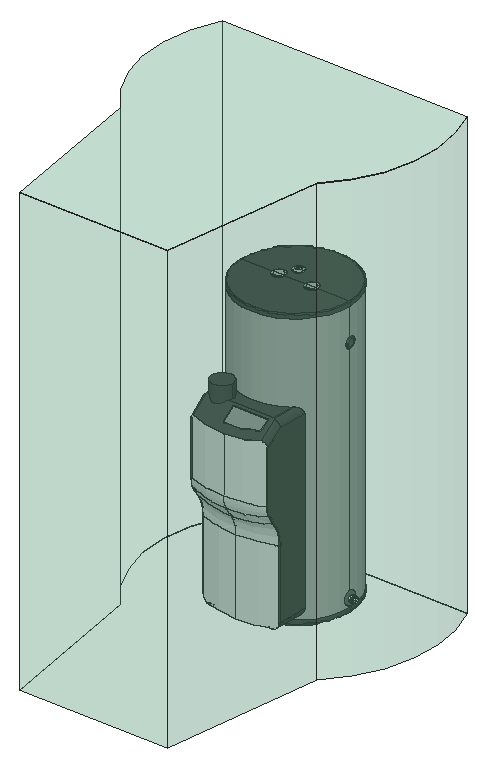
Revit family "Innovo FR_IR 32 285 FR NAT", category Mechanical Equipment, Revit 2015
Parameters (values of type "IR-32-285 FR NAT")
  largeur d'emballage = 786 mm  # constant formula
  l'Intervalle d'Entretien = "12 mois"  # constant formula
  Workspace Radius = Diameter + 170 mm  # 845 mm
  Workspace Height = Hauteur + 1000 mm  # 2745 mm
  Workspace Front Distance = 1000 mm
  Workspace [instance] = yes
  Valve Height 02 = if(and(Hauteur = 1745 mm, Diameter = 675 mm), 1518 mm, if(and(Hauteur = 1745 mm, Diameter = 610 mm), 1534 mm, if(Hauteur = 1545 mm, 1328 mm, 1070 mm)))  # 1518 mm
  Valve Height 01 = if(and(Diameter > 560 mm), 693 mm, 604 mm)  # 693 mm
  Valeur Maximale du Thermostat de Régulation = 85 °C  # constant formula
  Valeur Manimale du Thermostat de Régulation = 40 °C  # constant formula
  Valeur Défaut du Thermostat de Régulation = 65 °C  # constant formula
  URL = "www.aosmith.fr"
  Type d'Installation = "B23/C13/C33/C43/C53/C63"  # constant formula
  Type d'emballage = "Carton et bois"  # constant formula
  Tension d'Alimentation (-15%, +10%) = 230 V  # constant formula
  Température Maximale des Fumées = 65 °C
  Temps de réchauffement à ΔT = 70°C = "50"
  Temps de réchauffement à ΔT = 55°C = "39"
  Temps de réchauffement à ΔT = 50°C = "36"
  Temps de réchauffement à ΔT = 44°C = "31"
  Temps de réchauffement à ΔT = 28°C = "20"
  Spécifications du Produit = ""
  Réglages du thermostat du chauffe-eau = 65 °C  # constant formula
  Réglage Standard Pour = "G31"
  Rendement Saisonnier (Hs) = [Rendement (Hs, acc. NEN-EN 89 - 1999)]  # 97
  Rendement (Hs, acc. NEN-EN 89 - 1999) = 97
  Rendement (Hi, acc. NEN-EN 89 - 1999) = 108
  Raccord Évacuation de la Condensation = 40 mm  # constant formula
  Raccord de la Soupape de Vidange = 1"
  Raccord de Sortie d'Eau Chaude = 1"
  Raccord de Gaz = 15"  # constant formula
  Raccord d'Alimentation en Eau Froide = 3/4"  # constant formula
  Raccord Robinet de Vidange = 3/4"  # constant formula
  Puissance Électrique Absorbée (sommet) = 105 W
  Puissance Électrique Absorbée (nominal) = 85 W
  Profondeur d'emballage = 946 mm  # constant formula
  Profondeur = 780 mm  # constant formula
  Profils de soutirage déclaré = "XXL"
  Production Nominale = "30700.0"
  Pression de Fonctionnement Maximale = 800000.0 Pa  # constant formula
  Pression Différentielle d'Ouverture de l'Interrupteur de Pression < = 210.0 Pa
  Pression Amont de Gaz = "3700 Pa"
  Precaustions during assembling, installation or maintenance = "voir Manuel d'installation, d'emploi er d'entretien"  # constant formula
  Poids à vide = 155 kg
  Poids de Transport = 172 kg
  Phase = 1
  Pertes en Veille - tous les jours (24h) = 0 W
  Pertes en Veille = 0 W
  Nombre de modèle du produit (EAN) = "8717449286408"
  Niveau du Son dB (A) = "<45"  # constant formula
  Niveau de puissance acoustique à l'intérieur = "58 dB"
  NOx-émissions mg/kWh = "37"
  NOx-émissions (ven air, 0% O2) ppm = "23"
  Modèdele = "IR-32-380"
  Model = "IR-32-380 FR LP"
  Marque commerciale = "A.O. Smith"  # constant formula
  Manufacturer = "A.O. Smith Water Products Company b.v."  # constant formula
  Largeur = Diameter  # 675 mm
  La commande intelligente = no
  L'efficacité énergétique pour le chauffage de l'eau (2) = "92%"
  L'efficacité énergétique pour le chauffage de l'eau (1) = "90%"
  Hauteur du Raccordement au Gaz = 905 mm
  Hauteur de la Sortie d'eau Chaude = 1745 mm
  Hauteur de l'Alimentation en eau Froide = 170 mm
  Hauteur d'emballage = 1895 mm
  Hauteur Conduit d'Évacuation des Fumées = 1350 mm
  Hauteur Conduit d'Alimentation en Air = 1350 mm
  Hauteur = 1745 mm
  Guide de Produit = ""
  Garantie sur la Cuve = "36 mois"  # constant formula
  Garantie Pièces = "12 mois"  # constant formula
  Fréquence secteur = 50 Hz  # constant formula
  Forctionner qu'en heures creuses = no
  Fabricant No. = "E 7110"  # constant formula
  Epaisseur d'Isolation = 44 mm
  Débit de vidage à ΔT = 70°C après 90 min. = 840.0 L
  Débit de vidage à ΔT = 70°C après 60 min. = 650.0 L
  Débit de vidage à ΔT = 70°C après 30 min. = 460.0 L
  Débit de vidage à ΔT = 70°C après 120 min. = 1100.0 L
  Débit de vidage à ΔT = 55°C après 90 min. = 1100.0 L
  Débit de vidage à ΔT = 55°C après 60 min. = 860.0 L
  Débit de vidage à ΔT = 55°C après 30 min. = 610.0 L
  Débit de vidage à ΔT = 55°C après 120 min. = 1400.0 L
  Débit de vidage à ΔT = 50°C après 90 min. = 1300.0 L
  Débit de vidage à ΔT = 50°C après 60 min. = 950.0 L
  Débit de vidage à ΔT = 50°C après 30 min. = 680.0 L
  Débit de vidage à ΔT = 50°C après 120 min. = 1500.0 L
  Débit de vidage à ΔT = 44°C après 90 min. = 1400.0 L
  Débit de vidage à ΔT = 44°C après 60 min. = 1100.0 L
  Débit de vidage à ΔT = 44°C après 30 min. = 790.0 L
  Débit de vidage à ΔT = 44°C après 120 min. = 1800.0 L
  Débit de vidage à ΔT = 28°C après 90 min. = 2300.0 L
  Débit de vidage à ΔT = 28°C après 60 min. = 1800.0 L
  Débit de vidage à ΔT = 28°C après 30 min. = 1300.0 L
  Débit de vidage à ΔT = 28°C après 120 min. = 2800.0 L
  Débit de vidage en Continu à ΔT = 70°C = 380.0 L/s
  Débit de vidage en Continu à ΔT = 55°C = 480.0 L/s
  Débit de vidage en Continu à ΔT = 50°C = 530.0 L/s
  Débit de vidage en Continu à ΔT = 44°C = 600.0 L/s
  Débit de vidage en Continu à ΔT = 28°C = 960.0 L/s
  Diamètre Cheminée - Système Parallèle = "2x80"  # constant formula
  Diamètre Cheminée - Système Concentrique = "80/125 mm/mm"  # constant formula
  Diamètre Cheminée - Boiler = "80/125 mm/mm"  # constant formula
  Diameter = 675 mm
  Destination / Country = "France"  # constant formula
  Description = "Préparateur ECS Solaire en Combinaison avec Réservoir de Stockage"  # constant formula
  D'autres profils de soutirage = "3XL"
  Created By = "http://www.cadcompany.nl/"
  Consommation de Gaz - Volume ltr/hr = "a/p"
  Consommation de Gaz - Masse kg/h = "2.30"
  Class d'efficacité énergétique (2) = "-"
  Class d'efficacité énergétique (1) = "A"  # constant formula
  Charge Nominale (Valeur Supérieure) = "31500.0"
  Charge Nominale (Valeur Inférieure) = "29000.0"
  Charge Maximale au Sol = 552 kg
  Catégorie de Gaz = "II2Esi3P"  # constant formula
  Capacité = 380.0 L
  CO2 Émissions (tol. +/- 1.0) vol% = "10"
  CE-PIN = "0063CQ3037"  # constant formula
  BIM Content Developer = "CAD & Company"  # constant formula
  Assembly Code = "D3010"
  Annual fuel consumption (2) = "40 GJ GCV"
  Annual fuel consumption (1) = "21 GJ GCV"
  Annual electricity consumption (2) = "92 kWh"
  Annual electricity consumption (1) = "45 kWh"
  2ème Entretien (Entretien Général) = "12 mois après l'installation"  # constant formula
  1er Entretien (check-up) = "3 mois après l'installation"  # constant formula
Reference planes
  plane 1 "Center (Front/Back)": y = 0
  plane 2: z = 0
  plane 3 "Center (Left/Right)": x = 0
  plane 4 "Pipe": through (-383.901, 912.349, 194.799) normal (-0.0879, -0.0879, 0.9923)
  plane 5 "footing": y = 118.925
  plane 6 "footing front": y = -237.85
  plane 7: x = -337.5
  plane 8: x = 337.5
  plane 9: z = 1745
Forms (mm)
  Revolve 1, solid, material "RAL 9005", detail levels medium+fine
    sketch origin (0, -237.85, 0) x (-1, 0, 0) y (0, 0, 1)
      loop
        line (0, 28.9) -> (-15, 28.9) -> (-15, 26.4) -> (-8.671, 26.4) -> (-8.671, 18) -> (-5.686, 18) -> (-6.626, 17.06) -> (-6.626, 12.06) -> (-8.671, 12.06) -> (-8.671, 10) -> (-10.031, 10) -> (-23.271, 5.181)
        arc (-23.271, 5.181) -> (-23.763, 4.836) -> (-24.017, 4.293) r 1.159
        line (-24.017, 4.293) -> (-24.017, 1.03)
        arc (-24.017, 1.03) -> (-23.715, 0.302) -> (-22.986, 0) r 1.03
        line (-22.986, 0) -> (0, 0) -> (0, 28.9)
      axis (0, 28.9) -> (0, 0)
    angle from 0 to 360
  Revolve 2, solid, material "RAL 9005", detail levels medium+fine
    sketch origin (0, 118.925, 0) x (-1, 0, 0) y (0, 0, 1)
      loop
        line (-238.484, 28.9) -> (-253.484, 28.9) -> (-253.484, 26.4) -> (-247.155, 26.4) -> (-247.155, 18) -> (-244.17, 18) -> (-245.11, 17.06) -> (-245.11, 12.06) -> (-247.155, 12.06) -> (-247.155, 10) -> (-248.515, 10) -> (-261.756, 5.181)
        arc (-261.756, 5.181) -> (-262.247, 4.836) -> (-262.501, 4.293) r 1.159
        line (-262.501, 4.293) -> (-262.501, 1.03)
        arc (-262.501, 1.03) -> (-262.199, 0.302) -> (-261.471, 0) r 1.03
        line (-261.471, 0) -> (-238.484, 0) -> (-238.484, 28.9)
      axis (-238.484, 28.9) -> (-238.484, 0)
    angle from 0 to 360
  Revolve 3, solid, material "RAL 9005", detail levels medium+fine
    sketch origin (0, 118.925, 0) x (-1, 0, 0) y (0, 0, 1)
      loop
        line (236.516, 28.9) -> (221.516, 28.9) -> (221.516, 26.4) -> (227.845, 26.4) -> (227.845, 18) -> (230.83, 18) -> (229.89, 17.06) -> (229.89, 12.06) -> (227.845, 12.06) -> (227.845, 10) -> (226.485, 10) -> (213.244, 5.181)
        arc (213.244, 5.181) -> (212.753, 4.836) -> (212.499, 4.293) r 1.159
        line (212.499, 4.293) -> (212.499, 1.03)
        arc (212.499, 1.03) -> (212.801, 0.302) -> (213.529, 0) r 1.03
        line (213.529, 0) -> (236.516, 0) -> (236.516, 28.9)
      axis (236.516, 28.9) -> (236.516, 0)
    angle from 0 to 360
Lines and regions (mm)
  symbolic lines
    curve 1: line (0, 280.06, 0) -> (0, -280.06, 0)
    curve 2: line (-312.56, 0, 0) -> (312.56, 0, 0)
  symbolic lines, style "Workspace"
    curve 3: line (754.705, 380.06, 0) -> (-754.705, 380.06, 0)
    curve 4: arc (-754.705, 380.06, 0) -> (-842.687, -62.476, 0) -> (-690.406, -487.2, 0) r 845
    curve 5: line (-690.406, -487.2, 0) -> (-454.283, -1552.825, 0)
    curve 6: line (-454.283, -1552.825, 0) -> (456.53, -1552.825, 0)
    curve 7: line (456.53, -1552.825, 0) -> (692.083, -484.816, 0)
    curve 8: arc (692.083, -484.816, 0) -> (842.794, -61.023, 0) -> (754.705, 380.06, 0) r 845
Dimensions and locks
  plane 5 "footing" to plane 1 "Center (Front/Back)" = 118.925 mm
  plane 1 "Center (Front/Back)" to plane 6 "footing front" = 237.85 mm
  "Diameter": plane 7 to plane 8
  equal spacing: plane 7, plane 3 "Center (Left/Right)", plane 8
  "Hauteur": plane 9 to plane 2
  "Workspace Front Distance": curve 6 to nested 3
  "Workspace Radius": radius of curve 4
  "Workspace Radius": radius of curve 8
  aligned and locked: level to plane 2
  aligned and locked: nested 3 to Revolve 1 sketch curve
  aligned and locked: plane 3 "Center (Left/Right)" to Revolve 1 sketch curve
  aligned and locked: nested 3 to plane 1 "Center (Front/Back)"
  aligned and locked: plane 3 "Center (Left/Right)" to nested 3
  aligned and locked: nested 1 to plane 8
  aligned and locked: nested 5 to plane 8
  aligned and locked: nested 2 to plane 7
  aligned and locked: nested 4 to plane 7
  aligned and locked: nested 7 to plane 7
  aligned and locked: nested 8 to plane 3 "Center (Left/Right)"
  aligned and locked: nested 8 to nested 3
  aligned and locked: curve 3 to nested 8
Automatic sketch dimensions
  Revolve 1 sketch curve to level = 0 mm
  plane 3 "Center (Left/Right)" to Revolve 1 sketch curve = 5.686 mm
  Revolve 1 sketch curve to Revolve 1 sketch curve = 0.94 mm  (x2)
  Revolve 1 sketch curve to Revolve 1 sketch curve = 2.046 mm  (x2)
  Revolve 1 sketch curve to Revolve 1 sketch curve = 1.359 mm
  Revolve 1 sketch curve to Revolve 1 sketch curve = 6.329 mm
  level to Revolve 1 sketch curve = 4.091 mm
  Revolve 1 sketch curve to Revolve 1 sketch curve = 12.844 mm
  level to Revolve 1 sketch curve = 1.03 mm
  Revolve 1 sketch curve to Revolve 1 sketch curve = 0.111 mm
  level to Revolve 1 sketch curve = 5.181 mm
  Revolve 1 sketch curve to Revolve 1 sketch curve = 0.745 mm
  level to Revolve 1 sketch curve = 10 mm
  Revolve 1 sketch curve to Revolve 1 sketch curve = 2.06 mm
  Revolve 1 sketch curve to Revolve 1 sketch curve = 5 mm
  Revolve 1 sketch curve to Revolve 1 sketch curve = 8.4 mm
  Revolve 1 sketch curve to Revolve 1 sketch curve = 2.5 mm
  Revolve 1 sketch curve to level = 19.635 mm
  Revolve 1 sketch curve to Revolve 1 sketch curve = 46.465 mm
  Revolve 2 sketch curve to level = 0 mm
  level to Revolve 2 sketch curve = 1.03 mm
  Revolve 2 sketch curve to plane 8 = 74.999 mm
  level to Revolve 2 sketch curve = 5.181 mm
  Revolve 2 sketch curve to Revolve 2 sketch curve = 0.745 mm
  Revolve 2 sketch curve to Revolve 2 sketch curve = 0.397 mm
  Revolve 2 sketch curve to Revolve 2 sketch curve = 8.271 mm
  Revolve 2 sketch curve to Revolve 2 sketch curve = 13.241 mm
  Revolve 2 sketch curve to Revolve 2 sketch curve = 1.359 mm
  Revolve 2 sketch curve to Revolve 2 sketch curve = 6.329 mm
  Revolve 2 sketch curve to Revolve 2 sketch curve = 2.046 mm
  level to Revolve 2 sketch curve = 18 mm
  Revolve 2 sketch curve to Revolve 2 sketch curve = 0.94 mm  (x2)
  Revolve 2 sketch curve to Revolve 2 sketch curve = 8.671 mm
  Revolve 2 sketch curve to Revolve 2 sketch curve = 1.089 mm
  Revolve 2 sketch curve to Revolve 2 sketch curve = 8 mm
  Revolve 2 sketch curve to Revolve 2 sketch curve = 2.06 mm
  Revolve 2 sketch curve to Revolve 2 sketch curve = 8.4 mm
  Revolve 2 sketch curve to Revolve 2 sketch curve = 2.5 mm
  Revolve 2 sketch curve to Revolve 2 sketch curve = 0 mm
  Revolve 2 sketch curve to level = 19.635 mm
  Revolve 2 sketch curve to Revolve 2 sketch curve = 46.465 mm
  Revolve 3 sketch curve to level = 0 mm
  level to Revolve 3 sketch curve = 1.03 mm
  Revolve 3 sketch curve to plane 7 = 125.001 mm
  level to Revolve 3 sketch curve = 5.181 mm
  Revolve 3 sketch curve to Revolve 3 sketch curve = 0.745 mm
  Revolve 3 sketch curve to Revolve 3 sketch curve = 0.397 mm
  Revolve 3 sketch curve to Revolve 3 sketch curve = 8.271 mm
  Revolve 3 sketch curve to Revolve 3 sketch curve = 13.241 mm
  Revolve 3 sketch curve to Revolve 3 sketch curve = 1.359 mm
  Revolve 3 sketch curve to Revolve 3 sketch curve = 6.329 mm
  Revolve 3 sketch curve to Revolve 3 sketch curve = 2.046 mm
  level to Revolve 3 sketch curve = 18 mm
  Revolve 3 sketch curve to Revolve 3 sketch curve = 0.94 mm  (x2)
  Revolve 3 sketch curve to Revolve 3 sketch curve = 8.671 mm
  Revolve 3 sketch curve to Revolve 3 sketch curve = 1.089 mm
  Revolve 3 sketch curve to Revolve 3 sketch curve = 8 mm
  Revolve 3 sketch curve to Revolve 3 sketch curve = 2.06 mm
  Revolve 3 sketch curve to Revolve 3 sketch curve = 8.4 mm
  Revolve 3 sketch curve to Revolve 3 sketch curve = 2.5 mm
  Revolve 3 sketch curve to Revolve 3 sketch curve = 0 mm
  Revolve 3 sketch curve to level = 19.635 mm
  Revolve 3 sketch curve to Revolve 3 sketch curve = 46.465 mm
  curve 4 to curve 8 = 0 mm  (x2)
  plane 1 "Center (Front/Back)" to curve 2 = 0 mm
  curve 1 to plane 3 "Center (Left/Right)" = 0 mm
  plane 1 "Center (Front/Back)" to curve 4 = 0 mm
  curve 4 to plane 3 "Center (Left/Right)" = 0 mm
  curve 5 to plane 6 "footing front" = 249.35 mm
  plane 7 to curve 5 = 116.783 mm
  plane 8 to curve 7 = 119.03 mm
  curve 7 to plane 6 "footing front" = 246.966 mm
  curve 2 to plane 7 = 24.94 mm
  curve 2 to plane 8 = 24.94 mm
  curve 1 to plane 6 "footing front" = 42.21 mm
  plane 5 "footing" to curve 1 = 161.135 mm
Nested families
  nested 1: "Valve" at (337.5, -0.38, 1518) x (0, 1, 0) z (0, 0, 1), built-in parameter 1001364 <- "Valve Height 02", type "Valve"
  nested 2: "Drain Valve" at (-337.5, 0, 1518), built-in parameter 1001364 <- "Valve Height 02", type "Drain Valve"
  nested 3: "Housing Mother Housing S 57 (external)" at (0, -334.886, 0), type "Housing Mother_Housing S_57"
    with radius 337.5 mm, distance to boiler center 189 mm, diameter 675 mm
  nested 4: "Drain Valve" at (-337.5, 0, 177), type "Drain Valve"
  nested 5: "Drain Valve" at (337.5, 0, 107) x (-1, 0, 0) z (0, 0, 1), type "Drain Valve"
  nested 6: "Boiler" at (0, 0, 0), height <- "Hauteur", type "Boiler"
    with height 1745 mm, radius 337.5 mm, Diameter 675 mm
  nested 7: "Drain Valve" at (-337.5, 0, 693), built-in parameter 1001364 <- "Valve Height 01", type "Drain Valve"
  nested 8: "Innovo_workspace" at (0, 0, 0), Workspace Distance Front <- "Workspace Front Distance", Workspace <- "Workspace", Workspace Height <- "Workspace Height", Workspace Radius <- "Workspace Radius", type "Workspace"
    with Workspace Radius 845 mm, Workspace Height 2745 mm, Workspace Distance Front 1000 mm, Workspace yes, Center to Front 552.825 mm
Connectors
  piping at (372.326, 0, 107), diameter 19.05, driven by "Raccord Robinet de Vidange"
    settings: on nested 5, index 1, connector inside diameter 24", connector length 0 mm, flow factor 0, pipe flow 0.0 L/s, pressure drop 0.0 Pa, fitting loss kfactor 0, connector angle 0.00°, fixture units 0, engagement length 0 mm, angle of deflection 0.00°, flow configuration 0, flow direction 0, fitting loss method 0, system type 19, joint type 0, gender type 0, connector reference index -1, connector utility 0, adjustable connector no, is connector primary yes, connector description ""
  hvac at (-147.013, -381.326, 1310.674)
    settings: on nested 3, index 2, duct flow 0.0 L/s, flow factor 0, pres drop 0.0 Pa, loss coef 0, conn angle 0.00°, conn width 304.8 mm, conn height 304.8 mm, conn diameter 125 mm, duct sys type 4, conn prof type 0, flow config 0, flow direction 0, loss method 0, conn ref index -1, conn util no, is conn primary yes, conn desc ""
Definition of nested family "Valve"
  Parameters (values of type "Valve")
    Type Comments = "T&P valve (internal)"
    Manufacturer = "A.O. Smith"
  Reference planes
    plane 1 "Center (Front/Back)": y = 0
    plane 2: z = 0
    plane 3 "Center (Left/Right)": x = 0
  Forms (mm)
    Extrusion 1, solid, detail levels fine
      sketch origin (0, 0, 0) x (1, 0, 0) y (0, 0, 1)
        loop
          circle (0, 0) r 31.5
      from -2.271 to 1.4
    Sweep 2, solid, detail levels fine
      path origin (0, -1.4, 0) x (1, 0, 0) y (0, 0, 1)
        loop
          circle (0, 0) r 31.5
      profile origin (0, -1.4, 31.5) x (0, 0, -1) y (0, -1, 0)
        loop
          line (7.3, 0) -> (7.3, 3) -> (0, 0) -> (7.3, 0)
  Dimensions and locks
    aligned and locked: level to plane 2
Definition of nested family "Drain Valve"
  Reference planes
    plane 1 "Center (Front/Back)": y = 0
    plane 2: z = 0
    plane 3 "Center (Left/Right)": x = 0
  Forms (mm)
    Revolve 1, solid, detail levels medium+fine
      sketch origin (0, 0, 0) x (1, 0, 0) y (0, 0, 1)
        loop
          line (-33.442, 15.696) -> (-34.826, 14.329) -> (-34.93, 12.731) -> (-16.555, 12.731) -> (-16.555, 0) -> (15.787, 0) -> (15.787, 18.3) -> (-14.4, 18.3) -> (-17.148, 15.533) -> (-18.729, 16.697) -> (-20.091, 15.333) -> (-21.672, 16.496) -> (-23.034, 15.133) -> (-24.614, 16.296) -> (-25.976, 14.932) -> (-27.557, 16.096) -> (-28.919, 14.732) -> (-30.5, 15.896) -> (-31.862, 14.532) -> (-33.442, 15.696)
        axis (-34.93, 0) -> (15.787, 0)
      angle from 0 to 360
  Dimensions and locks
    aligned and locked: level to plane 2
  Nested families
    nested 1: "Rubber sealing" at (2.592, -0.155, 0) x (0.0023, -1, 0) z (0, 0, 1), type "Rubber sealing", detail levels fine
  Definition of nested family "Rubber sealing"
    Reference planes
      plane 1 "Center (Front/Back)": y = 0
      plane 2: z = 0
      plane 3 "Center (Left/Right)": x = 0
    Forms (mm)
      Extrusion 1, solid, detail levels fine
        sketch origin (141.861, 319.581, 0) x (1, 0, 0) y (0, 1, 0)
          loop
            line (-216.354, -311.898) -> (-216.354, -313.94)
            arc (-216.354, -313.94) -> (-141.602, -321.581) -> (-66.861, -313.835) r 366.966
            line (-66.861, -313.835) -> (-66.861, -311.791)
            arc (-66.861, -311.791) -> (-141.602, -319.581) -> (-216.354, -311.898) r 364.966
        from -80 to 80
      Extrusion 2, void
        sketch origin (141.861, 319.581, 0) x (1, 0, 0) y (0, 0, 1)
          loop
            circle (-141.861, 0) r 13
          loop
            circle (-141.861, 0) r 110
          loop
            circle (-141.861, 0) r 40
        from 311.563 to 332.684
      Extrusion 3, void
        sketch origin (141.861, 319.581, 0) x (1, 0, 0) y (0, 0, 1)
          loop
            circle (-141.861, 0) r 18.25
        from 315.524 to 326.084
    Cuts and joins
      Extrusion 2, Extrusion 3 cuts Extrusion 1
    Dimensions and locks
      aligned and locked: level to plane 2
Definition of nested family "Housing Mother Housing S 57 (external)"
  Parameters (values of type "Housing Mother_Housing S_57")
    radius [instance] = 280 mm
    distance to boiler center = if(diameter = 675 mm, 189 mm, if(diameter = 610 mm, 154 mm, 129 mm))  # 129 mm
    diameter = 560 mm
  Reference planes
    plane 1 "Center (Front/Back)": y = 0
    plane 2: z = 0
    plane 3 "Center (Left/Right)": x = 0
    plane 4 "left": through (-245.286, 145.886, 1200) normal (0.9994, 0.0349, 0)
    plane 5: y = -217.939
    plane 6: y = 145.886
    plane 7: z = 1232.6
    plane 8: z = 65.89
    plane 9 "right": through (245.286, 145.886, 1200) normal (0.9994, -0.0349, 0)
    plane 10 "display": through (0, -90.37, 1221.196) normal (0, -0.5736, 0.8192)
    plane 11 "Potentiostat": z = 867.899
    plane 12 "boiler center": y = 274.886
    plane 13: x = -280
    plane 14: x = 280
  Forms (mm)
    Extrusion 1, solid
      sketch origin (0, 0, 0) x (1, 0, 0) y (0, 1, 0)
        loop
          line (-245.286, 145.886) -> (-232.581, -217.939) -> (232.581, -217.939) -> (245.286, 145.886)
          arc (245.286, 145.886) -> (0, 0.923) -> (-245.286, 145.886) r 280
      from 0 to 1232.6
    Sweep 2, void
      path origin (0, 0, 0) x (0, 1, 0) y (0, 0, 1)
        loop
          line (-217.939, 1232.6) -> (-217.939, 795.555)
          arc (-217.939, 795.555) -> (-212.387, 754.285) -> (-197.694, 715.322) r 183.924
          arc (-197.694, 715.322) -> (-179.915, 684.628) -> (-159.106, 655.901) r 348.284
          arc (-159.106, 655.901) -> (-131.411, 600.328) -> (-121.88, 538.973) r 202.254
          line (-121.88, 538.973) -> (-121.88, 61.106)
      profile origin (0, -217.939, 1014.077) x (1, 0, 0) y (0, 1, 0)
        loop
          arc (0, 0) -> (-117.533, 9.941) -> (-231.728, 39.475) r 699.984
          arc (-231.728, 39.475) -> (-233.391, 40.705) -> (-234.07, 42.659) r 3.505
          line (-234.07, 42.659) -> (-254.062, 42.659) -> (-254.062, -142.593) -> (254.07, -142.593) -> (254.07, 42.659) -> (234.07, 42.659)
          arc (234.07, 42.659) -> (233.391, 40.705) -> (231.728, 39.475) r 3.505
          arc (231.728, 39.475) -> (117.533, 9.941) -> (0, 0) r 699.984
    Extrusion 3, void
      sketch origin (0, 0, 0) x (0, 1, 0) y (0, 0, 1)
        loop
          arc (102.864, 70.869) -> (99.804, 70.709) -> (96.874, 69.813) r 12.57
          arc (96.874, 69.813) -> (87.878, 66.533) -> (78.516, 64.529) r 69.114
          arc (78.516, 64.529) -> (76.41, 64.284) -> (74.294, 64.148) r 41.206
          arc (74.294, 64.148) -> (65.203, 64.335) -> (56.122, 64.782) r 318.661
          arc (56.122, 64.782) -> (30.585, 66.179) -> (5.028, 67.128) r 1456.581
          line (5.028, 67.128) -> (-84.534, 73.135)
          arc (-84.534, 73.135) -> (-86.363, 73.808) -> (-87.536, 75.365) r 3.455
          line (-87.536, 75.365) -> (-264.473, 75.365) -> (-264.473, 0) -> (160.886, 0) -> (160.886, 103.945) -> (145.886, 103.945)
          arc (145.886, 103.945) -> (145.104, 97.827) -> (142.923, 92.059) r 26.364
          arc (142.923, 92.059) -> (141.067, 88.936) -> (138.867, 86.045) r 31.715
          arc (138.867, 86.045) -> (135.576, 82.49) -> (132.021, 79.2) r 62.615
          arc (132.021, 79.2) -> (125.841, 74.697) -> (119.091, 71.103) r 54.444
          arc (119.091, 71.103) -> (116.371, 70.272) -> (113.531, 70.123) r 11.669
          line (113.531, 70.123) -> (102.864, 70.869)
      from -254.062 to 254.07
    Sweep 4, void
      path origin (0, 0, 0) x (1, 0, 0) y (0, 1, 0)
        loop
          line (-245.286, 145.886) -> (-232.581, -217.939)
      profile origin (-238.933, -36.027, 0) x (0.999391, 0.034899, 0) y (0, 0, 1)
        loop
          line (-4.454, 0) -> (47.084, 0) -> (47.084, 73.431)
          arc (47.084, 73.431) -> (14.222, 85.134) -> (0.255, 117.1) r 43.922
          line (0.255, 117.1) -> (-4.454, 117.1) -> (-4.454, 0)
    Sweep 5, void
      path origin (0, 0, 0) x (-1, 0, 0) y (0, 1, 0)
        loop
          line (-245.286, 145.886) -> (-232.581, -217.939)
      profile origin (238.933, -36.027, 0) x (0.999391, -0.034899, 0) y (0, 0, 1)
        loop
          line (4.454, 0) -> (4.454, 117.1) -> (-0.255, 117.1)
          arc (-0.255, 117.1) -> (-14.222, 85.134) -> (-47.084, 73.431) r 43.922
          line (-47.084, 73.431) -> (-47.084, 0) -> (4.454, 0)
    Sweep 6, void
      path origin (-239.899, -8.377, 0) x (-0.034899, 0.999391, 0) y (0, 0, 1)
        loop
          line (-209.69, 1141.272) -> (-79.18, 1232.6) -> (154.358, 1232.6)
      profile origin (-241.211, 29.188, 1232.6) x (0, 0, 1) y (0.999391, 0.034899, 0)
        loop
          line (-45, -30) -> (75, -30) -> (75, 0) -> (75, 55) -> (2.799, 55) -> (-1.253, 35.128)
          arc (-1.253, 35.128) -> (-16.771, 9.564) -> (-45, -0.308) r 44.287
          line (-45, -0.308) -> (-45, -30)
    Sweep 7, void
      path origin (239.899, -8.377, 0) x (0.034899, 0.999391, 0) y (0, 0, 1)
        loop
          line (-209.69, 1141.272) -> (-79.18, 1232.6) -> (154.358, 1232.6)
      profile origin (241.211, 29.188, 1232.6) x (0, 0, -1) y (-0.999391, 0.034899, 0)
        loop
          line (-75, -25) -> (45, -25) -> (45, -0.308)
          arc (45, -0.308) -> (16.771, 9.564) -> (1.253, 35.128) r 44.287
          line (1.253, 35.128) -> (-2.799, 55) -> (-75, 55) -> (-75, -25)
    Extrusion 8, void
      sketch origin (0, 0, 0) x (0, 1, 0) y (0, 0, 1)
        loop
          line (-270, 1336.099) -> (-270, 1099.081) -> (68.497, 1336.099) -> (-270, 1336.099)
      from -425.038 to 444.42
    Extrusion 9, solid, detail levels medium+fine
      sketch origin (0, 0, 0) x (1, 0, 0) y (0, 1, 0)
        loop
          circle (-147.013, -46.44) r 65
      from 1163.174 to 1310.674
    Extrusion 10, void
      sketch origin (0, -603.506, 861.895) x (0, 0.819152, 0.573576) y (-1, 0, 0)
        loop
          arc (618.322, -173) -> (623.272, -170.95) -> (625.322, -166) r 7
          line (625.322, -166) -> (625.322, 35)
          arc (625.322, 35) -> (623.272, 39.95) -> (618.322, 42) r 7
          line (618.322, 42) -> (535.473, 42)
          arc (535.473, 42) -> (530.688, 40.11) -> (528.488, 35.46) r 7
          arc (528.488, 35.46) -> (531.569, -67.592) -> (554.18, -168.18) r 540
          arc (554.18, -168.18) -> (556.724, -171.668) -> (560.831, -173) r 7
          line (560.831, -173) -> (618.322, -173)
      from 0 to 137.286
    Sweep 11, solid, detail levels fine
      path origin (0, 0, 867.899) x (-1, 0, 0) y (0, -1, 0)
        loop
          line (309.749, -35.617) -> (204.371, -35.617)
          arc (204.371, -35.617) -> (196.509, -34.687) -> (189.082, -31.947) r 33.677
          line (189.082, -31.947) -> (-9.574, 69.274)
      profile origin (-257.06, 35.617, 867.899) x (0, 1, 0) y (0, 0, 1)
        loop
          circle (0, 0) r 7.316
        loop
          circle (0, 0) r 6.465
    Revolve 12, void
      sketch origin (0, 274.886, 0) x (-1, 0, 0) y (0, 0, 1)
        loop
          line (280, 1243.838) -> (0, 1243.838) -> (0, 54.9) -> (280, 54.9) -> (280, 1243.838)
        axis (0, 1243.838) -> (0, 54.9)
      angle from 0 to 360
  Cuts and joins
    Sweep 2, Extrusion 3, Sweep 4, Sweep 5, Sweep 6, Sweep 7, Extrusion 8, Extrusion 10, Revolve 12 cuts Extrusion 1
  Dimensions and locks
    plane 8 to plane 2 = 65.89 mm
    plane 7 to plane 8 = 1166.71 mm
    "distance to boiler center": plane 12 "boiler center" to plane 6
    "diameter": plane 14 to plane 13
    equal spacing: plane 14, plane 3 "Center (Left/Right)", plane 13
    "radius": plane 3 "Center (Left/Right)" to plane 13
    aligned and locked: level to plane 2
    aligned and locked: Extrusion 1 to plane 7
    aligned and locked: Extrusion 1 sketch curve to plane 5
    aligned and locked: Sweep 2 to Extrusion 3
    aligned and locked: Extrusion 3 to Sweep 2  (x2)
    aligned and locked: plane 7 to Sweep 2 sketch curve
    aligned and locked: plane 3 "Center (Left/Right)" to Revolve 12 sketch curve
    aligned and locked: Revolve 12 sketch curve to plane 3 "Center (Left/Right)"
    aligned and locked: plane 13 to Revolve 12 sketch curve
  Automatic sketch dimensions
    Extrusion 1 sketch curve to plane 4 "left" = 0 mm  (x2)
    Extrusion 1 sketch curve to plane 6 = 0 mm  (x2)
    Extrusion 1 sketch curve to plane 3 "Center (Left/Right)" = 0 mm
    Extrusion 1 sketch curve to plane 9 "right" = 0 mm
    plane 6 to Extrusion 1 sketch curve = 135.037 mm
    Sweep 2 sketch curve to plane 5 = 0 mm
    plane 5 to Sweep 2 sketch curve = 106.195 mm
    Sweep 2 sketch curve to plane 5 = 96.059 mm
    plane 1 "Center (Front/Back)" to Sweep 2 sketch curve = 34.053 mm
    plane 11 "Potentiostat" to Sweep 2 sketch curve = 6.417 mm
    Sweep 2 sketch curve to plane 6 = 33.705 mm
    Sweep 2 sketch curve to plane 11 "Potentiostat" = 68.615 mm
    Sweep 2 sketch curve to plane 11 "Potentiostat" = 72.345 mm
    Sweep 2 sketch curve to Sweep 2 sketch curve = 176.349 mm
    Sweep 2 sketch curve to Sweep 2 sketch curve = 0 mm  (x2)
    plane 8 to Sweep 2 sketch curve = 4.784 mm
    Extrusion 3 sketch curve to level = 0 mm
    Extrusion 3 sketch curve to plane 6 = 0 mm
    Extrusion 3 sketch curve to plane 6 = 26.363 mm
    Extrusion 3 sketch curve to Extrusion 3 sketch curve = 4.75 mm
    Extrusion 3 sketch curve to Extrusion 3 sketch curve = 5.179 mm
    Extrusion 3 sketch curve to plane 8 = 4.232 mm
    Extrusion 3 sketch curve to Extrusion 3 sketch curve = 0.814 mm
    Extrusion 3 sketch curve to plane 8 = 4.978 mm
    Extrusion 3 sketch curve to Extrusion 3 sketch curve = 10.667 mm
    Extrusion 3 sketch curve to Extrusion 3 sketch curve = 0.877 mm
    Extrusion 3 sketch curve to Extrusion 3 sketch curve = 17.827 mm
    Extrusion 3 sketch curve to Extrusion 3 sketch curve = 5.646 mm
    Extrusion 3 sketch curve to plane 6 = 69.562 mm
    Extrusion 3 sketch curve to Extrusion 3 sketch curve = 18.6 mm
    Extrusion 3 sketch curve to Extrusion 3 sketch curve = 22.538 mm
    Extrusion 3 sketch curve to plane 8 = 1.238 mm
    Extrusion 3 sketch curve to plane 1 "Center (Front/Back)" = 5.028 mm
    plane 1 "Center (Front/Back)" to Extrusion 3 sketch curve = 36.224 mm
    Extrusion 3 sketch curve to plane 8 = 10.692 mm
    plane 1 "Center (Front/Back)" to Extrusion 3 sketch curve = 84.302 mm
    Extrusion 3 sketch curve to plane 8 = 7.244 mm
    Extrusion 3 sketch curve to Extrusion 3 sketch curve = 0.231 mm
    Extrusion 3 sketch curve to Extrusion 3 sketch curve = 3.234 mm
    plane 5 to Extrusion 3 sketch curve = 46.534 mm
    plane 6 to Extrusion 3 sketch curve = 15 mm
    Extrusion 3 sketch curve to level = 1388.869 mm
    plane 8 to Extrusion 3 sketch curve = 7.561 mm
    Extrusion 3 sketch curve to Extrusion 3 sketch curve = 11.64 mm
    Extrusion 3 sketch curve to plane 8 = 38.054 mm
    Extrusion 3 sketch curve to Extrusion 3 sketch curve = 22.442 mm
    Extrusion 3 sketch curve to plane 8 = 39.432 mm
    Extrusion 3 sketch curve to Extrusion 3 sketch curve = 2.466 mm
    Extrusion 3 sketch curve to Extrusion 3 sketch curve = 14.17 mm
    Extrusion 3 sketch curve to Extrusion 3 sketch curve = 5.925 mm
    Extrusion 3 sketch curve to Extrusion 3 sketch curve = 6.186 mm
    Extrusion 3 sketch curve to Extrusion 3 sketch curve = 249.85 mm
    Extrusion 3 sketch curve to Extrusion 3 sketch curve = 0 mm  (x4)
    Extrusion 3 sketch curve to Extrusion 3 sketch curve = 6.845 mm
    plane 8 to Extrusion 3 sketch curve = 1.743 mm
    Sweep 4 sketch curve to plane 4 "left" = 0 mm  (x2)
    Sweep 4 sketch curve to plane 6 = 0 mm
    plane 5 to Sweep 4 sketch curve = 0 mm
    Sweep 4 sketch curve to level = 0 mm
    profile plane to Sweep 4 sketch curve = 4.454 mm
    Sweep 4 sketch curve to profile plane = 0.255 mm
    Sweep 4 sketch curve to Sweep 4 sketch curve = 43.922 mm
    Sweep 4 sketch curve to profile plane = 47.084 mm
    level to Sweep 4 sketch curve = 73.431 mm
    Sweep 4 sketch curve to Sweep 4 sketch curve = 43.669 mm
    Sweep 5 sketch curve to plane 6 = 0 mm
    Sweep 5 sketch curve to plane 9 "right" = 0 mm  (x2)
    plane 5 to Sweep 5 sketch curve = 0 mm
    Sweep 5 sketch curve to level = 0 mm
    profile plane to Sweep 5 sketch curve = 47.084 mm
    Sweep 5 sketch curve to Sweep 5 sketch curve = 2.907 mm
    profile plane to Sweep 5 sketch curve = 0.255 mm
    Sweep 5 sketch curve to profile plane = 4.454 mm
    level to Sweep 5 sketch curve = 73.431 mm
    Sweep 5 sketch curve to Sweep 5 sketch curve = 43.669 mm
    Sweep 6 sketch curve to plane 7 = 0 mm
    plane 7 to Sweep 6 sketch curve = 91.328 mm
    Sweep 6 sketch curve to Sweep 6 sketch curve = 130.509 mm
    Sweep 6 sketch curve to Sweep 6 sketch curve = 233.538 mm
    Sweep 6 sketch curve to plane 4 "left" = 0 mm
    profile plane to Sweep 6 sketch curve = 45 mm
    Sweep 6 sketch curve to Sweep 6 sketch curve = 0.354 mm
    profile plane to Sweep 6 sketch curve = 1.253 mm
    Sweep 6 sketch curve to profile plane = 2.799 mm
    Sweep 6 sketch curve to Sweep 6 sketch curve = 72.201 mm
    Sweep 6 sketch curve to plane 4 "left" = 0.308 mm
    Sweep 6 sketch curve to Sweep 6 sketch curve = 29.692 mm
    plane 4 "left" to Sweep 6 sketch curve = 35.128 mm
    plane 4 "left" to Sweep 6 sketch curve = 55 mm
    Sweep 7 sketch curve to plane 7 = 0 mm
    Sweep 7 sketch curve to plane 7 = 91.328 mm
    Sweep 7 sketch curve to Sweep 7 sketch curve = 130.509 mm
    Sweep 7 sketch curve to Sweep 7 sketch curve = 233.538 mm
    Sweep 7 sketch curve to plane 9 "right" = 25 mm
    profile plane to Sweep 7 sketch curve = 75 mm
    profile plane to Sweep 7 sketch curve = 2.799 mm
    Sweep 7 sketch curve to profile plane = 1.253 mm
    Sweep 7 sketch curve to Sweep 7 sketch curve = 43.393 mm
    Sweep 7 sketch curve to profile plane = 45 mm
    Sweep 7 sketch curve to plane 9 "right" = 0.308 mm
    plane 9 "right" to Sweep 7 sketch curve = 35.128 mm
    Sweep 7 sketch curve to Sweep 7 sketch curve = 19.872 mm
    plane 5 to Extrusion 8 sketch curve = 52.061 mm
    Extrusion 8 sketch curve to plane 1 "Center (Front/Back)" = 68.497 mm
    plane 7 to Extrusion 8 sketch curve = 133.519 mm
    Extrusion 8 sketch curve to plane 7 = 103.499 mm
    plane 1 "Center (Front/Back)" to Extrusion 9 sketch curve = 46.44 mm
    Extrusion 9 sketch curve to plane 3 "Center (Left/Right)" = 147.013 mm
    Extrusion 10 sketch curve to plane 3 "Center (Left/Right)" = 0 mm
    Extrusion 10 sketch curve to plane 3 "Center (Left/Right)" = 35 mm
    Extrusion 10 sketch curve to Extrusion 10 sketch curve = 25.359 mm
    Extrusion 10 sketch curve to Extrusion 10 sketch curve = 57.491 mm
    Extrusion 10 sketch curve to plane 3 "Center (Left/Right)" = 42 mm
    Extrusion 10 sketch curve to Extrusion 10 sketch curve = 82.85 mm
    Extrusion 10 sketch curve to Extrusion 10 sketch curve = 7 mm
    Extrusion 10 sketch curve to Extrusion 10 sketch curve = 442 mm
    plane 3 "Center (Left/Right)" to Extrusion 10 sketch curve = 166 mm
    Extrusion 10 sketch curve to Extrusion 10 sketch curve = 0 mm  (x2)
    Sweep 11 sketch curve to plane 1 "Center (Front/Back)" = 31.947 mm
    Sweep 11 sketch curve to plane 3 "Center (Left/Right)" = 189.082 mm
    Sweep 11 sketch curve to plane 1 "Center (Front/Back)" = 1.94 mm
    Sweep 11 sketch curve to Sweep 11 sketch curve = 15.289 mm
    plane 3 "Center (Left/Right)" to Sweep 11 sketch curve = 9.574 mm
    Sweep 11 sketch curve to Sweep 11 sketch curve = 105.378 mm
    plane 1 "Center (Front/Back)" to Sweep 11 sketch curve = 69.274 mm
    Sweep 11 sketch curve to Sweep 11 sketch curve = 0 mm  (x2)
    Sweep 11 sketch curve to plane 11 "Potentiostat" = 0 mm
    Sweep 11 sketch curve to profile plane = 0 mm
    plane 8 to Revolve 12 sketch curve = 10.99 mm
    Revolve 12 sketch curve to plane 7 = 11.238 mm
    Revolve 12 sketch curve to level = 366.045 mm
    Revolve 12 sketch curve to Revolve 12 sketch curve = 971.917 mm
    Sweep 2 sketch curve to plane 3 "Center (Left/Right)" = 0 mm
    profile plane to Sweep 2 sketch curve = 0 mm
    Sweep 2 sketch curve to plane 3 "Center (Left/Right)" = 0.016 mm
    Sweep 2 sketch curve to profile plane = 42.782 mm  (x2)
    Sweep 2 sketch curve to plane 3 "Center (Left/Right)" = 230.568 mm
    plane 3 "Center (Left/Right)" to Sweep 2 sketch curve = 0.016 mm
    plane 3 "Center (Left/Right)" to Sweep 2 sketch curve = 230.568 mm
    Sweep 2 sketch curve to Sweep 2 sketch curve = 3.502 mm  (x2)
    Sweep 2 sketch curve to Sweep 2 sketch curve = 20 mm
    profile plane to Sweep 2 sketch curve = 142.593 mm
    Sweep 2 sketch curve to Sweep 2 sketch curve = 0.122 mm  (x2)
    Sweep 2 sketch curve to Sweep 2 sketch curve = 657.203 mm
    Sweep 2 sketch curve to Sweep 2 sketch curve = 19.991 mm
    radius of Extrusion 9 sketch curve = 65 mm
    radius of Sweep 11 sketch curve = 7.316 mm
    radius of Sweep 11 sketch curve = 6.465 mm
  Nested families
    nested 1: "display" at (65.5, -130.939, 1192.79) x (-1, 0, 0) z (0, -0.5736, 0.8192), type "display"
  Definition of nested family "display"
    Parameters (values of type "display")
      Default Elevation = 1219.2 mm
    Reference planes
      plane 1 "Center (Front/Back)": y = 0
      plane 2: z = 0
      plane 3 "Center (Left/Right)": x = 0
    Forms (mm)
      Extrusion 1, solid, detail levels medium+fine
        sketch origin (-16.958, 11.842, -343.878) x (1, 0, 0) y (0, 0, -1)
          loop
            line (-233.523, -343.878) -> (-233.523, -346.592) -> (332.686, -346.592) -> (332.686, -343.878) -> (-233.523, -343.878)
        from -228.7 to 150.822
      Extrusion 2, void
        sketch origin (-16.958, 6.842, -343.878) x (1, 0, 0) y (0, 1, 0)
          loop
            line (-233.523, 155.822) -> (-233.523, -223.7) -> (332.686, -223.7) -> (332.686, 155.822) -> (-233.523, 155.822)
          loop
            arc (-90.542, -48.267) -> (-88.492, -53.216) -> (-83.542, -55.267) r 7
            line (-83.542, -55.267) -> (117.458, -55.267)
            arc (117.458, -55.267) -> (122.408, -53.216) -> (124.458, -48.267) r 7
            line (124.458, -48.267) -> (124.458, 34.583)
            arc (124.458, 34.583) -> (122.568, 39.368) -> (117.918, 41.568) r 7
            arc (117.918, 41.568) -> (14.866, 38.487) -> (-85.722, 15.876) r 540
            arc (-85.722, 15.876) -> (-89.21, 13.332) -> (-90.542, 9.224) r 7
            line (-90.542, 9.224) -> (-90.542, -48.267)
        from 328.878 to 363.083
    Cuts and joins
      Extrusion 2 cuts Extrusion 1
    Dimensions and locks
      aligned and locked: level to plane 2
Definition of nested family "Boiler"
  Parameters (values of type "Boiler")
    radius [instance] = 280 mm
    height [instance] = 1270 mm
    Diameter = 560 mm
  Reference planes
    plane 1 "Center (Front/Back)": y = 0
    plane 2: z = 0
    plane 3 "Center (Left/Right)": x = 0
    plane 4: z = 1243.838
    plane 5: z = 1270
    plane 6 "bottom": z = 28.9
    plane 7: z = 54.9
    plane 8 "top controle": y = 88
    plane 9: x = -280
    plane 10: x = 280
  Forms (mm)
    Revolve 1, solid
      sketch origin (0, 0, 0) x (1, 0, 0) y (0, 0, 1)
        loop
          line (0, 54.9) -> (-280, 54.9) -> (-280, 32.9)
          arc (-280, 32.9) -> (-278.828, 30.072) -> (-276, 28.9) r 4
          line (-276, 28.9) -> (0, 28.9) -> (0, 54.9)
        axis (0, 28.9) -> (0, 54.9)
      angle from 0 to 360
    Revolve 2, solid
      sketch origin (1.311, 0, 0) x (1, 0, 0) y (0, 0, 1)
        loop
          line (-278.86, 1243.838) -> (-278.86, 54.9) -> (-1.311, 54.9) -> (-1.311, 1243.838) -> (-278.86, 1243.838)
        axis (-1.311, 1243.838) -> (-1.311, 54.9)
      angle from 0 to 360
    Revolve 3, solid
      sketch origin (-9.205, 0, 377.212) x (-1, 0, 0) y (0, 0, 1)
        loop
          line (-148.904, 892.788) -> (-110.805, 892.788) -> (-110.805, 895.963) -> (-141.883, 895.963) -> (-148.904, 893.62) -> (-148.904, 892.788)
        axis (-110.805, 892.788) -> (-110.805, 895.963)
      angle from 0 to 360
    Revolve 4, solid
      sketch origin (0, 0, 718.065) x (1, 0, 0) y (0, 0, -1)
        loop
          line (0, -525.773) -> (-280, -525.773) -> (-280, -547.935)
          arc (-280, -547.935) -> (-278.828, -550.763) -> (-276, -551.935) r 4
          line (-276, -551.935) -> (0, -551.935) -> (0, -525.773)
        axis (0, -551.935) -> (0, -525.773)
      angle from 0 to 360
    Revolve 5, solid
      sketch origin (0, 88, 0) x (1, 0, 0) y (0, 0, 1)
        loop
          line (-19.051, 1270) -> (-19.051, 1271.074) -> (-32.63, 1275.604) -> (-32.63, 1271.117) -> (-37.266, 1271.117) -> (-38.383, 1270) -> (-19.051, 1270)
        axis (-50.8, 1270) -> (-50.8, 1275.604)
      angle from 0 to 360
    Revolve 6, solid
      sketch origin (-217.12, 0, 372.245) x (-1, 0, 0) y (0, 0, 1)
        loop
          line (-153.622, 897.755) -> (-115.52, 897.755) -> (-115.52, 900.93) -> (-146.626, 900.93) -> (-153.622, 898.596) -> (-153.622, 897.755)
        axis (-115.52, 897.755) -> (-115.52, 900.93)
      angle from 0 to 360
  Dimensions and locks
    "height": plane 5 to plane 2
    plane 6 "bottom" to plane 2 = 28.9 mm
    locked: plane 5 to plane 4 at 26.162
    locked: plane 1 "Center (Front/Back)" to plane 8 "top controle" at 88
    "Diameter": plane 10 to plane 9
    equal spacing: plane 10, plane 3 "Center (Left/Right)", plane 9
    "radius": plane 3 "Center (Left/Right)" to plane 9
    locked: plane 9 to Revolve 2 sketch curve at 2.452
    aligned and locked: level to plane 2
    aligned and locked: Revolve 2 sketch curve to plane 7
    aligned and locked: Revolve 2 sketch curve to plane 4
    aligned and locked: Revolve 1 sketch curve to plane 7
    aligned and locked: plane 6 "bottom" to Revolve 1 sketch curve
    aligned and locked: Revolve 4 sketch curve to plane 3 "Center (Left/Right)"
    aligned and locked: plane 5 to Revolve 4 sketch curve
    aligned and locked: Revolve 4 sketch curve to plane 4
    aligned and locked: plane 9 to Revolve 4 sketch curve
    aligned and locked: Revolve 1 sketch curve to plane 9
    aligned and locked: Revolve 2 sketch curve to plane 3 "Center (Left/Right)"
    aligned and locked: plane 3 "Center (Left/Right)" to Revolve 2 sketch curve
  Automatic sketch dimensions
    Revolve 1 sketch curve to plane 3 "Center (Left/Right)" = 0 mm  (x2)
    Revolve 1 sketch curve to Revolve 1 sketch curve = 4 mm
    Revolve 1 sketch curve to level = 40 mm
    Revolve 1 sketch curve to Revolve 1 sketch curve = 305.1 mm
    Revolve 2 sketch curve to level = 366.045 mm
    Revolve 2 sketch curve to plane 5 = 945.755 mm
    Revolve 3 sketch curve to plane 5 = 0 mm
    Revolve 3 sketch curve to plane 3 "Center (Left/Right)" = 139.699 mm
    plane 5 to Revolve 3 sketch curve = 3.175 mm
    Revolve 3 sketch curve to Revolve 3 sketch curve = 7.022 mm
    Revolve 3 sketch curve to Revolve 3 sketch curve = 31.078 mm
    Revolve 3 sketch curve to Revolve 3 sketch curve = 0.832 mm
    Revolve 3 sketch curve to Revolve 3 sketch curve = 0 mm
    Revolve 3 sketch curve to Revolve 3 sketch curve = 2.338 mm
    Revolve 3 sketch curve to Revolve 3 sketch curve = 4.487 mm
    Revolve 4 sketch curve to plane 3 "Center (Left/Right)" = 0 mm
    Revolve 4 sketch curve to Revolve 4 sketch curve = 4 mm
    Revolve 4 sketch curve to Revolve 4 sketch curve = 68.738 mm
    Revolve 4 sketch curve to Revolve 4 sketch curve = 305.1 mm
    Revolve 6 sketch curve to plane 5 = 0 mm
    plane 3 "Center (Left/Right)" to Revolve 6 sketch curve = 63.497 mm
    plane 5 to Revolve 6 sketch curve = 3.175 mm
    Revolve 6 sketch curve to Revolve 6 sketch curve = 6.997 mm
    Revolve 6 sketch curve to Revolve 6 sketch curve = 31.106 mm
    Revolve 6 sketch curve to Revolve 6 sketch curve = 0.84 mm
    Revolve 6 sketch curve to Revolve 6 sketch curve = 0 mm
    Revolve 6 sketch curve to Revolve 6 sketch curve = 7.216 mm
    Revolve 6 sketch curve to Revolve 6 sketch curve = 0.391 mm
    Revolve 5 sketch curve to Revolve 5 sketch curve = 13.578 mm
    Revolve 5 sketch curve to Revolve 5 sketch curve = 1.074 mm
    Revolve 5 sketch curve to Revolve 5 sketch curve = 12.417 mm
    Revolve 5 sketch curve to Revolve 5 sketch curve = 5.753 mm
    Revolve 5 sketch curve to plane 5 = 1.117 mm
    Revolve 5 sketch curve to Revolve 5 sketch curve = 1.117 mm
    plane 5 to Revolve 5 sketch curve = 4.396 mm
    Revolve 5 sketch curve to plane 5 = 0 mm
    Revolve 5 sketch curve to Revolve 5 sketch curve = 4.487 mm
    Revolve 5 sketch curve to plane 3 "Center (Left/Right)" = 38.383 mm
    Revolve 5 sketch curve to plane 5 = 5.604 mm
Definition of nested family "Innovo_workspace"
  Parameters (values of type "Workspace")
    Workspace Radius [instance] = 730 mm
    Workspace Height [instance] = 2270 mm
    Workspace Distance Front [instance] = 1000 mm
    Workspace [instance] = yes
    URL = "www.aosmith.nl"
    Model = ""
    Manufacturer = "A.O. Smith Water Products Company b.v."  # constant formula
    Description = ""
    Created By = ""
    Center to Front [instance] = 492.825 mm
    BIM Content Developer = "CAD & Company"  # constant formula
    Assembly Code = ""
  Reference planes
    plane 1 "Center (Front/Back)": y = 0
    plane 2: z = 0
    plane 3 "Center (Left/Right)": x = 0
    plane 4 "Pipe": through (-383.901, 912.349, 194.799) normal (-0.0879, -0.0879, 0.9923)
    plane 5 "front": y = -492.825
  Forms (mm)
    Extrusion 1, solid, visible <- "Workspace"
      sketch origin (0, 0, 0) x (1, 0, 0) y (0, 1, 0)
        loop
          line (456.53, -1492.825) -> (500.201, -531.695)
          arc (500.201, -531.695) -> (723.44, -97.643) -> (623.261, 380.06) r 730
          line (623.261, 380.06) -> (-623.261, 380.06)
          arc (-623.261, 380.06) -> (-723.227, -99.209) -> (-497.893, -533.856) r 730
          line (-497.893, -533.856) -> (-454.283, -1492.825) -> (456.53, -1492.825)
      from 0 to 2270 <- "Workspace Height"
  Lines and regions (mm)
    symbolic lines
      curve 1: line (0, 280.06, 0) -> (0, -280.06, 0)
      curve 2: line (-255.06, 0, 0) -> (255.06, 0, 0)
  Dimensions and locks
    locked: Extrusion 1 sketch curve to curve 1 at 100
    "Workspace Distance Front": plane 5 "front" to Extrusion 1
    "Center to Front": plane 1 "Center (Front/Back)" to plane 5 "front"
    "Workspace Radius": radius of Extrusion 1 sketch curve  (x2)
    aligned and locked: level to plane 2
  Automatic sketch dimensions
    plane 1 "Center (Front/Back)" to curve 2 = 0 mm
    curve 1 to plane 3 "Center (Left/Right)" = 0 mm
    plane 3 "Center (Left/Right)" to curve 2 = 255.06 mm
    curve 1 to plane 1 "Center (Front/Back)" = 280.06 mm
    curve 2 to plane 3 "Center (Left/Right)" = 255.06 mm
    plane 5 "front" to curve 1 = 212.765 mm
    Extrusion 1 sketch curve to Extrusion 1 sketch curve = 0 mm  (x2)
    plane 1 "Center (Front/Back)" to Extrusion 1 sketch curve = 0 mm
    Extrusion 1 sketch curve to plane 3 "Center (Left/Right)" = 0 mm
    Extrusion 1 sketch curve to plane 5 "front" = 41.031 mm
    Extrusion 1 sketch curve to plane 3 "Center (Left/Right)" = 454.283 mm
    plane 3 "Center (Left/Right)" to Extrusion 1 sketch curve = 456.53 mm
    Extrusion 1 sketch curve to plane 5 "front" = 38.869 mm
    Extrusion 1 sketch curve to Extrusion 1 sketch curve = 961.131 mm
